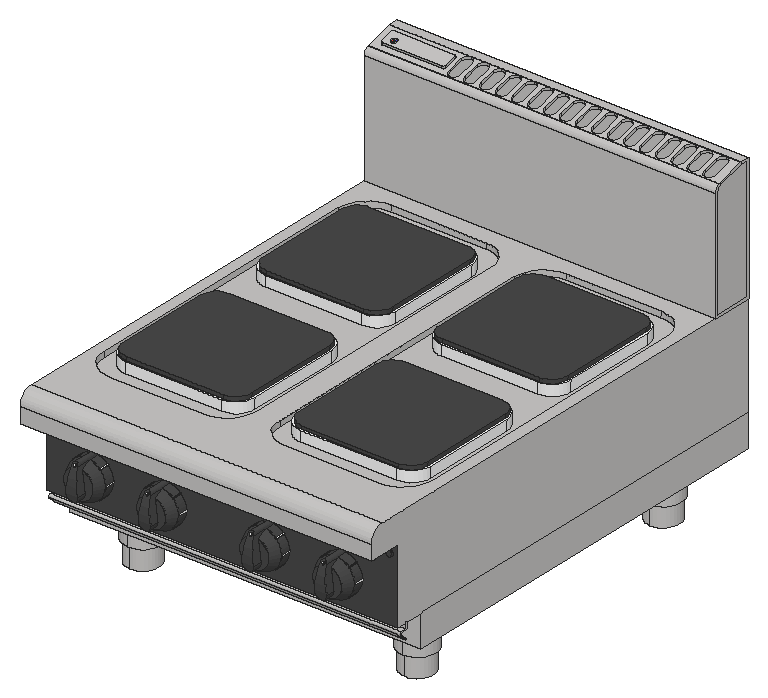
Revit family "QF_Moffat_RNB8400SE-B_Electric_Cooktops_Sealed_Hobs_cat", category Specialty Equipment, Revit 2019 (continued)
Definition of nested family "RN8400SE-B"
  Automatic sketch dimensions
    Extrusion 7 sketch curve to Extrusion 7 sketch curve = 14.837 mm
    level to Extrusion 7 sketch curve = 106.8 mm
    Extrusion 7 sketch curve to Extrusion 7 sketch curve = 1.6 mm
    Extrusion 1 to Extrusion 8 sketch curve = 42.5 mm
    Extrusion 8 sketch curve to Extrusion 8 sketch curve = 125 mm  (x2)
    Extrusion 8 sketch curve to Extrusion 8 sketch curve = 175.734 mm
    Extrusion 1 to Extrusion 2 sketch curve = 19 mm
    Extrusion 2 sketch curve to Extrusion 2 sketch curve = 50 mm  (x6)
    Extrusion 2 sketch curve to Extrusion 2 sketch curve = 0 mm  (x2)
    Extrusion 2 sketch curve to Extrusion 2 sketch curve = 162 mm
    Extrusion 2 sketch curve to Extrusion 2 sketch curve = 38 mm
    Extrusion 1 to Extrusion 2 sketch curve = 69 mm
    Extrusion 3 sketch curve to Extrusion 2 = 265.244 mm
    Extrusion 3 sketch curve to Extrusion 2 = 34.88 mm
    Extrusion 3 sketch curve to Extrusion 3 sketch curve = 105.098 mm
    Extrusion 4 sketch curve to Extrusion 3 = 3.518 mm  (x2)
    Extrusion 4 sketch curve to Extrusion 4 sketch curve = 27 mm  (x6)
    Extrusion 4 sketch curve to Extrusion 3 = 4 mm  (x7)
    Extrusion 4 sketch curve to Extrusion 3 = 30.518 mm
    Extrusion 4 sketch curve to Extrusion 3 = 30.456 mm  (x4)
    Extrusion 4 sketch curve to Extrusion 3 = 3.456 mm  (x2)
    Extrusion 4 sketch curve to Extrusion 3 = 3.434 mm  (x2)
    Extrusion 4 sketch curve to Extrusion 3 = 30.434 mm
    Extrusion 4 sketch curve to Extrusion 3 = 30.418 mm  (x4)
    Extrusion 4 sketch curve to Extrusion 3 = 3.418 mm  (x2)
    Extrusion 4 sketch curve to Extrusion 3 = 31 mm
    Extrusion 2 sketch curve to Extrusion 1 = 130.599 mm
    Extrusion 8 sketch curve to Extrusion 1 = 28.7 mm  (x4)
    Extrusion 9 sketch curve to Extrusion 1 = 16.157 mm  (x2)
    plane 1 "BACK" to curve 1 = 0 mm
    curve 1 to plane 3 "LEFT" = 0 mm
    curve 4 to plane 4 "RIGHT" = 0 mm
    plane 5 "FRONT" to curve 4 = 0 mm
    plane 3 "LEFT" to curve 6 = 19 mm
    plane 9 to curve 26 = 29.5 mm
    curve 7 to curve 74 = 17 mm
    curve 73 to curve 82 = 4 mm
    curve 25 to curve 34 = 4 mm
    curve 32 to plane 9 = 1.5 mm
    curve 36 to plane 9 = 1.5 mm
    curve 83 to plane 9 = 1.5 mm
    curve 80 to plane 9 = 1.5 mm
    curve 24 to plane 9 = 2.5 mm
    curve 81 to curve 73 = 1 mm
    curve 27 to plane 9 = 2.5 mm
    curve 83 to curve 75 = 1 mm
    curve 8 to plane 9 = 3.5 mm
    curve 5 to plane 9 = 3.5 mm
    plane 11 to curve 8 = 19.234 mm
    plane 11 to curve 11 = 19.234 mm
    plane 11 to curve 24 = 20.234 mm
    plane 11 to curve 76 = 20.234 mm
    plane 11 to curve 71 = 20.234 mm
    curve 11 to curve 28 = 1 mm
    curve 23 to curve 31 = 1 mm
    curve 76 to curve 84 = 1 mm
    curve 71 to curve 80 = 1 mm
    curve 21 to curve 29 = 1 mm
    curve 31 to curve 30 = 27 mm
    curve 77 to curve 78 = 27 mm
    curve 29 to curve 22 = 4 mm
    curve 77 to curve 70 = 4 mm
    curve 10 to plane 7 "Center Y" = 19 mm
    plane 7 "Center Y" to curve 14 = 19 mm
    curve 14 to curve 44 = 17 mm
    plane 7 "Center Y" to curve 68 = 36 mm
    curve 68 to curve 60 = 4 mm
    curve 44 to curve 52 = 4 mm
    plane 15 to curve 51 = 21.234 mm
    plane 15 to curve 53 = 21.234 mm
    plane 15 to curve 59 = 21.234 mm
    plane 15 to curve 46 = 21.234 mm
    curve 45 to curve 37 = 1 mm
    curve 51 to curve 43 = 1 mm
    curve 59 to curve 67 = 1 mm
    curve 53 to curve 61 = 1 mm
    plane 15 to curve 20 = 19.234 mm
    plane 15 to curve 16 = 19.234 mm
    curve 19 to plane 16 = 3.5 mm
    curve 17 to plane 16 = 3.5 mm
    curve 66 to plane 16 = 2.5 mm
    curve 38 to plane 16 = 2.5 mm
    curve 62 to plane 16 = 2.5 mm
    curve 41 to plane 16 = 2.5 mm
    curve 49 to plane 16 = 1.5 mm
    curve 55 to plane 16 = 1.5 mm
    curve 57 to plane 16 = 1.5 mm
    curve 46 to plane 16 = 1.5 mm
    plane 16 to curve 56 = 25.5 mm
    plane 16 to curve 48 = 25.5 mm
    curve 57 to curve 64 = 4 mm
    curve 47 to curve 40 = 4 mm
    plane 4 "RIGHT" to curve 18 = 19 mm
    curve 20 to plane 5 "FRONT" = 104.599 mm
    curve 12 to plane 5 "FRONT" = 104.599 mm
    curve 38 to curve 13 = 15.12 mm
    curve 28 to curve 5 = 15.117 mm
    curve 28 to curve 36 = 3.518 mm
    curve 37 to curve 46 = 3.521 mm
    curve 25 to plane 8 "Center X" = 68.044 mm
    curve 43 to plane 8 "Center X" = 68.042 mm
    curve 25 to curve 33 = 1.544 mm
    curve 43 to curve 51 = 1.542 mm
    plane 8 "Center X" to curve 62 = 37.056 mm
    plane 8 "Center X" to curve 76 = 37.056 mm
    curve 76 to curve 84 = 3.434 mm
    curve 62 to curve 54 = 3.435 mm
    plane 12 to curve 74 = 140.582 mm
    curve 70 to curve 68 = 0 mm
    curve 73 to curve 81 = 1.582 mm
    curve 64 to curve 56 = 1.582 mm
    curve 70 to curve 10 = 20.382 mm
    curve 67 to curve 14 = 20.382 mm
    Extrusion 1 sketch curve to plane 5 "FRONT" = 0 mm
    Extrusion 1 sketch curve to plane 5 "FRONT" = 24 mm
    Extrusion 1 sketch curve to plane 5 "FRONT" = 56 mm
    Extrusion 1 sketch curve to Extrusion 1 sketch curve = 25 mm
    level to Extrusion 1 sketch curve = 140 mm
    Extrusion 1 sketch curve to Extrusion 1 sketch curve = 126 mm
    Extrusion 1 sketch curve to plane 1 "BACK" = 0 mm
    Extrusion 1 to Extrusion 2 sketch curve = 150.2 mm  (x3)
    radius of Extrusion 9 sketch curve = 5 mm  (x2)
    radius of Extrusion 10 sketch curve = 6.35 mm
    radius of Extrusion 8 sketch curve = 7.15 mm  (x4)
  Nested families
    nested 1: "Small Leg" at (33.75, -593.25, 0), type "Small Leg"
    nested 2: "Small Leg" at (566.25, -593.25, 0) x (-1, 0, 0) z (0, 0, 1), type "Small Leg"
    nested 3: "Knob" at (55.003, -746.031, 164.502), type "Knob"
    nested 4: "Knob" at (179.269, -746.031, 164.502), type "Knob"
    nested 5: "Small Leg" at (33.75, -68.25, 0), type "Small Leg"
    nested 6: "Small Leg" at (566.25, -68.25, 0) x (-1, 0, 0) z (0, 0, 1), type "Small Leg"
    nested 7: "Knob" at (355.738, -746.031, 164.502), type "Knob"
    nested 8: "Knob" at (480.003, -746.031, 164.502), type "Knob"
  Definition of nested family "Small Leg"
    Parameters (values of type "Small Leg")
      Weight in Pounds = 0
      URL Cutsheet = ""
      Specification by User = ""
      Specification by Manufacturer = ""
      Serial Number = ""
      Seismic Rating = ""
      SMACNA No = ""
      Revision Code = ""
      NAFEM Spec ID Number = ""
      Masterspec = ""
      Length = 63.5 mm
      Item Number = ""
      Installed By = ""
      Identify Quantity as Lot = yes
      Height = 85 mm
      Furnished By = ""
      Foodservice Equipment Identifier = yes
      Depth = 63.5 mm
      CSI MasterFormat = ""
    Reference planes
      plane 1 "BACK": y = 0
      plane 2: z = 0
      plane 3 "LEFT": x = 0
      plane 4 "RIGHT": x = 63.5
      plane 5 "FRONT": y = -63.5
      plane 6 "TOP": z = 85
      plane 7 "Center Y": x = 31.75
      plane 8 "Center X": y = -31.75
    Forms (mm)
      Revolve 1, solid
        sketch origin (31.75, 175.397, 1219.2) x (0, 1, 0) y (0, 0, 1)
          loop
            line (-207.147, -1134.2) -> (-207.147, -1219.2) -> (-179.647, -1219.2) -> (-179.647, -1184.2) -> (-175.397, -1184.2) -> (-175.397, -1134.2) -> (-207.147, -1134.2)
          axis (-207.147, -1134.2) -> (-207.147, -1219.2)
        angle from 0 to 360
    Dimensions and locks
      equal spacing: plane 3 "LEFT", plane 7 "Center Y", plane 4 "RIGHT"
      "Length": plane 3 "LEFT" to plane 4 "RIGHT"
      equal spacing: plane 5 "FRONT", plane 8 "Center X", plane 1 "BACK"
      "Depth": plane 5 "FRONT" to plane 1 "BACK"
      "Height": plane 6 "TOP" to level
      plane 4 "RIGHT" to plane 3 "LEFT" = 63.5 mm
      aligned and locked: level to plane 2
    Automatic sketch dimensions
      Revolve 1 sketch curve to plane 6 "TOP" = 0 mm
      Revolve 1 sketch curve to plane 8 "Center X" = 0 mm  (x2)
      Revolve 1 sketch curve to level = 0 mm  (x2)
      Revolve 1 sketch curve to plane 1 "BACK" = 0 mm
      Revolve 1 sketch curve to Revolve 1 sketch curve = 4.25 mm
      level to Revolve 1 sketch curve = 35 mm
      Revolve 1 sketch curve to Revolve 1 sketch curve = 20 mm
  Definition of nested family "Knob"
    Parameters (values of type "Knob")
      Weight in Pounds = 0
      URL Cutsheet = ""
      Specification by User = ""
      Specification by Manufacturer = ""
      Serial Number = ""
      Seismic Rating = ""
      SMACNA No = ""
      Revision Code = ""
      NAFEM Spec ID Number = ""
      Masterspec = ""
      Length = 65 mm
      Item Number = ""
      Installed By = ""
      Identify Quantity as Lot = yes
      Height = 69.5 mm
      Furnished By = ""
      Foodservice Equipment Identifier = yes
      Depth = 59 mm
      CSI MasterFormat = ""
    Reference planes
      plane 1 "BACK": y = 0
      plane 2: z = 0
      plane 3 "LEFT": x = 0
      plane 4 "RIGHT": x = 65
      plane 5 "FRONT": y = -59
      plane 6 "TOP": z = 69.5
      plane 7 "Center Y": x = 32.5
      plane 8 "Center X": y = -29.5
    Forms (mm)
      Revolve 1, solid
        sketch origin (32.5, 175.397, 1219.2) x (0, 1, 0) y (0, 0, 1)
          loop
            line (-175.397, -1186.7) -> (-219.397, -1186.7) -> (-219.397, -1211.501) -> (-202.106, -1219.2) -> (-185.397, -1219.2) -> (-185.397, -1191.7) -> (-175.397, -1191.7) -> (-175.397, -1186.7)
          axis (-219.397, -1186.7) -> (-175.397, -1186.7)
        angle from 0 to 360
      Extrusion 2, solid
        sketch origin (32.5, 175.397, 1219.2) x (0, 1, 0) y (0, 0, 1)
          loop
            line (-202.106, -1154.2) -> (-185.397, -1154.2) -> (-185.397, -1149.7) -> (-224.105, -1149.7)
            arc (-224.105, -1149.7) -> (-233.965, -1178.467) -> (-230.696, -1208.7) r 70
            line (-230.696, -1208.7) -> (-219.397, -1208.7) -> (-219.397, -1161.899) -> (-202.106, -1154.2)
        from -15 to 15
      Extrusion 3, void
        sketch origin (0, 0, 0) x (1, 0, 0) y (0, 0, 1)
          loop
            line (27.501, 64.613) -> (22.02, 20.585)
            arc (22.02, 20.585) -> (32.792, 10.488) -> (42.986, 21.169) r 10.487
            line (42.986, 21.169) -> (37.499, 64.613)
            arc (37.499, 64.613) -> (32.5, 69.5) -> (27.501, 64.613) r 5
          loop
            line (10, 72.977) -> (10, 5.625) -> (55, 5.625) -> (55, 72.977) -> (10, 72.977)
        from 6.142 to 69.687
      Extrusion 4, solid
        sketch origin (0, -34.115, -16.916) x (1, 0, 0) y (0, 0.45399, 0.891007)
          loop
            circle (32.497, 65) r 2
        from 51.525 to 53.075
      Extrusion 5, solid
        sketch origin (32.5, -10, 32.5) x (0, 0, -1) y (-1, 0, 0)
          loop
            line (-23.54, -22.408) -> (-24.106, -22.974)
            arc (-24.106, -22.974) -> (-23.547, -23.547) -> (-22.974, -24.106) r 33.3
            line (-22.974, -24.106) -> (-22.408, -23.54)
            arc (-22.408, -23.54) -> (-22.981, -22.981) -> (-23.54, -22.408) r 32.5
          loop
            arc (-0.8, -33.29) -> (0, -33.3) -> (0.8, -33.29) r 33.3
            line (0.8, -33.29) -> (0.8, -32.49)
            arc (0.8, -32.49) -> (0, -32.5) -> (-0.8, -32.49) r 32.5
            line (-0.8, -32.49) -> (-0.8, -33.29)
          loop
            arc (23.54, -22.408) -> (22.981, -22.981) -> (22.408, -23.54) r 32.5
            line (22.408, -23.54) -> (22.974, -24.106)
            arc (22.974, -24.106) -> (23.547, -23.547) -> (24.106, -22.974) r 33.3
            line (24.106, -22.974) -> (23.54, -22.408)
          loop
            arc (-23.54, 22.408) -> (-22.981, 22.981) -> (-22.408, 23.54) r 32.5
            line (-22.408, 23.54) -> (-22.974, 24.106)
            arc (-22.974, 24.106) -> (-23.547, 23.547) -> (-24.106, 22.974) r 33.3
            line (-24.106, 22.974) -> (-23.54, 22.408)
          loop
            line (-0.8, 33.29) -> (-0.8, 32.49)
            arc (-0.8, 32.49) -> (0, 32.5) -> (0.8, 32.49) r 32.5
            line (0.8, 32.49) -> (0.8, 33.29)
            arc (0.8, 33.29) -> (0, 33.3) -> (-0.8, 33.29) r 33.3
          loop
            line (32.49, -0.8) -> (33.29, -0.8)
            arc (33.29, -0.8) -> (33.3, 0) -> (33.29, 0.8) r 33.3
            line (33.29, 0.8) -> (32.49, 0.8)
            arc (32.49, 0.8) -> (32.5, 0) -> (32.49, -0.8) r 32.5
          loop
            arc (24.106, 22.974) -> (23.547, 23.547) -> (22.974, 24.106) r 33.3
            line (22.974, 24.106) -> (22.408, 23.54)
            arc (22.408, 23.54) -> (22.981, 22.981) -> (23.54, 22.408) r 32.5
            line (23.54, 22.408) -> (24.106, 22.974)
        from 0 to -16.709
    Cuts and joins
      Extrusion 3 cuts Extrusion 2
    Dimensions and locks
      equal spacing: plane 3 "LEFT", plane 7 "Center Y", plane 4 "RIGHT"
      "Length": plane 3 "LEFT" to plane 4 "RIGHT"
      equal spacing: plane 5 "FRONT", plane 8 "Center X", plane 1 "BACK"
      "Depth": plane 5 "FRONT" to plane 1 "BACK"
      "Height": plane 6 "TOP" to level
      plane 4 "RIGHT" to plane 3 "LEFT" = 65 mm
      aligned and locked: level to plane 2
    Automatic sketch dimensions
      Revolve 1 sketch curve to level = 0 mm
      Revolve 1 sketch curve to plane 1 "BACK" = 0 mm  (x2)
      plane 1 "BACK" to Revolve 1 sketch curve = 10 mm
      plane 8 "Center X" to Revolve 1 sketch curve = 2.791 mm
      Revolve 1 sketch curve to plane 8 "Center X" = 14.5 mm
      level to Revolve 1 sketch curve = 7.699 mm
      level to Revolve 1 sketch curve = 27.5 mm
      Revolve 1 sketch curve to Revolve 1 sketch curve = 5 mm
      Revolve 1 sketch curve to Revolve 1 sketch curve = 35 mm
      Revolve 1 sketch curve to Revolve 1 sketch curve = 0 mm
      Extrusion 2 sketch curve to plane 6 "TOP" = 0 mm
      Extrusion 2 sketch curve to plane 5 "FRONT" = 3.702 mm
      Extrusion 2 sketch curve to plane 5 "FRONT" = 10.293 mm
      Extrusion 2 sketch curve to Extrusion 2 sketch curve = 11.298 mm
      plane 8 "Center X" to Extrusion 2 sketch curve = 2.791 mm
      plane 1 "BACK" to Extrusion 2 sketch curve = 10 mm
      Extrusion 2 sketch curve to plane 1 "BACK" = 11 mm
      Extrusion 2 sketch curve to plane 6 "TOP" = 4.5 mm
      Extrusion 2 sketch curve to plane 6 "TOP" = 12.199 mm
      level to Extrusion 2 sketch curve = 32.962 mm
      level to Extrusion 3 sketch curve = 5.625 mm
      Extrusion 3 sketch curve to plane 7 "Center Y" = 0 mm  (x2)
      Extrusion 3 sketch curve to plane 7 "Center Y" = 4.999 mm
      Extrusion 3 sketch curve to plane 7 "Center Y" = 10.48 mm
      plane 6 "TOP" to Extrusion 3 sketch curve = 3.477 mm
      plane 3 "LEFT" to Extrusion 3 sketch curve = 10 mm
      Extrusion 3 sketch curve to plane 6 "TOP" = 4.887 mm
      Extrusion 3 sketch curve to Extrusion 3 sketch curve = 4.999 mm
      plane 7 "Center Y" to Extrusion 3 sketch curve = 10.486 mm
      level to Extrusion 3 sketch curve = 20.585 mm
      Extrusion 3 sketch curve to Extrusion 3 sketch curve = 0.387 mm
      Extrusion 3 sketch curve to Extrusion 3 sketch curve = 0.113 mm
      plane 4 "RIGHT" to Extrusion 3 sketch curve = 10 mm
      Extrusion 5 sketch curve to Revolve 1 = 32.49 mm
      Revolve 1 to Extrusion 5 sketch curve = 32.49 mm
      Extrusion 5 sketch curve to Revolve 1 = 23.54 mm  (x2)
      Revolve 1 to Extrusion 5 sketch curve = 23.54 mm  (x2)
      Extrusion 5 sketch curve to Revolve 1 = 24.106 mm  (x2)
      Revolve 1 to Extrusion 5 sketch curve = 24.106 mm  (x2)
      Revolve 1 to Extrusion 5 sketch curve = 22.408 mm  (x2)
      Extrusion 5 sketch curve to Revolve 1 = 22.408 mm  (x2)
      Revolve 1 to Extrusion 5 sketch curve = 22.974 mm  (x2)
      Extrusion 5 sketch curve to Revolve 1 = 22.974 mm  (x2)
      Extrusion 5 sketch curve to Extrusion 5 sketch curve = 1.6 mm  (x2)
      Revolve 1 to Extrusion 5 sketch curve = 0.8 mm
      Extrusion 5 sketch curve to Revolve 1 = 0.8 mm
      Extrusion 4 sketch curve to plane 7 "Center Y" = 0.003 mm
      radius of Extrusion 5 sketch curve to Revolve 1 = 0 mm  (x7)
      radius of Revolve 1 to Extrusion 5 sketch curve = 0.8 mm  (x7)
      radius of Extrusion 4 sketch curve = 2 mm
